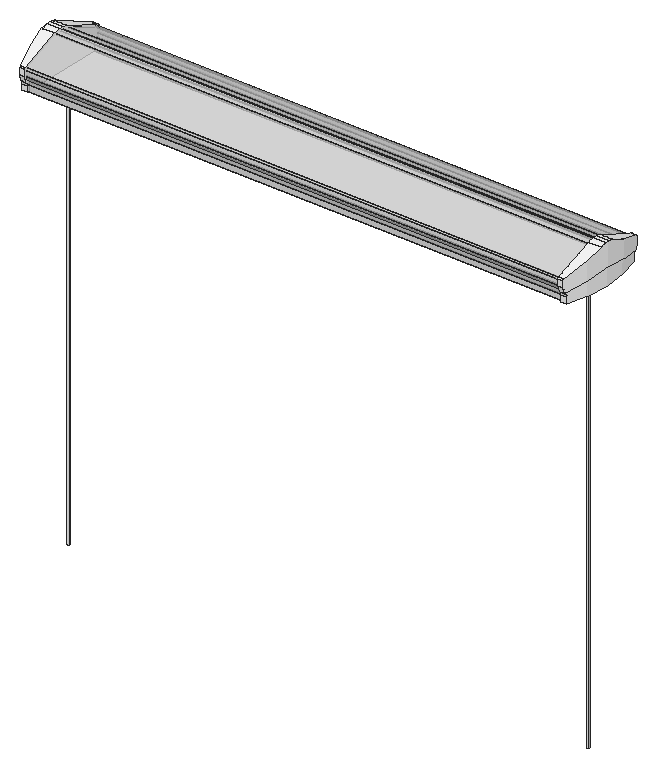
Revit family "0044875 Lighting Fixture_Sylvania_DeltaWing-LED-Electronic_Ceiling Pendant", category Lighting Fixtures, host Face, Revit 2017
Family settings
  Host = Face
  Round Connector Dimension = Use Diameter
  Part Type = Normal
  OmniClass Number = 23.80.70.11.17
  OmniClass Title = Specialized Lighting by Location or Use
  Cut with Voids When Loaded = No
  Light Source = Yes
  Shared = No
  Room Calculation Point = No
Parameters (values of type "DELTAWING LED72 EB 4K 1200")
  Width = 200.0 mm
  Weight = 3.40 kg
  Wattage = 70.5677 W
  built-in parameter 1150110 = 1 (stored number, unit not read)
  Voltage Comments = "UNV (Universal Voltage; 220-240 Volt)"  # constant formula
  Voltage = 230 V  # constant formula
  URL = "http://www.sylvania-lighting.com"
  built-in parameter 1114217 = 1 (stored number, unit not read)
  Tilt Angle = -90.00°
  built-in parameter 1150109 = 1 (stored number, unit not read)
  built-in parameter 1150134 = 12
  Ta Rating = "-10°C to +25°C"  # constant formula
  built-in parameter 1150113 = 1 (stored number, unit not read)
  Product Page URL = "http://www.sylvania-lighting.com/product/en-int/products/0044875"
  Product Family = "DELTAWING LED - ELECTRONIC"  # constant formula
  Photometry Comments = ""
  Photometric Web File = "0044875_DELTAWINGLED72EB4K1200-197925.ies"
  Mounting Height = 1000.0 mm
  Mounting Distance = 1130.0 mm
  Life = "50 000h"  # constant formula
  Length = 1218.0 mm
  LOR = "100%"
  Inrush Current (max. quantity per 16A C breaker) = "20"  # constant formula
  IP Rating = "IP44"  # constant formula
  IK Rating = "IK08"  # constant formula
  Height = 85.0 mm
  Glow Wire Test = 850 °C  # constant formula
  Glare Control = "UGR<23"  # constant formula
  Emit from Line Length = Length - 2.0 mm * 29  # 1160.0 mm
  Electrical Protection = "Class I"  # constant formula
  Drive Current = "250 mA"  # constant formula
  built-in parameter 1114216 [instance] = 1 (stored number, unit not read)
  Cap Material = Plastic_Sylvania_DeltaWing_White
  Model = "DELTAWING LED72 EB 4K 1200"
  Manufacturer = "Feilo Sylvania"
  built-in parameter 1150105 = 2317.4 (stored number, unit not read)
  Lumens = 7260 lm
  built-in parameter 1150115 = 1 (stored number, unit not read)
  built-in parameter 1150137 = (empty or 0)
  built-in parameter 1150139 = (empty or 0)
  built-in parameter 1150112 = 1 (stored number, unit not read)
  built-in parameter 1150114 = 1 (stored number, unit not read)
  Lamp = "Integrated LED"  # constant formula
  built-in parameter 1150132 = 2
  built-in parameter 1150102 = (empty or 0)
  built-in parameter 1150107 = 4000 (stored number, unit not read)
  built-in parameter 1150138 = (empty or 0)
  built-in parameter 1150106 = 23.174 (stored number, unit not read)
  CRI (Ra) = "> 80"  # constant formula
  Body Material = Steel_Sylvania_DeltaWing_White
  built-in parameter 1150104 = 9.5579 (stored number, unit not read)
  Dimming Lamp Color Temperature Shift = <None>
  Diffuser Material = Polycarbonate_Sylvania_DeltaWing_Opal_4000K
  Description = "Low profile surface and suspended LED diffuser luminaire DeltaWing LED is perfect to fulfil a wide range of applications, including educational environments, medical buildings, storage facilities and circulation areas including stairwells High performance: delivers up to 7,260lm (luminaire lumen output on 4,000K version), and up to 102lm/W (total system efficiency) Available in neutral white (4,000K) and warm white (3,000K) Smooth Polycarbonate extruded diffuser provides high efficiency, while minimising glare Precision prisms designed to optimise light output and reduce glare Options of non-dimmable, DALI, 3 hour maintained Emergency and Integrated Microwave sensor as standard Integrated Microwave sensor mounted discretely behind the diffuser helps further reduce energy and maintenance bills Suitable for suspended mounting using wire suspension kit (to be ordered seperately) BESA box connection possibility standard on product Long lifetime: 50,000 hours life at 70% of the original output L70 Energy class: A++, A+, A"  # constant formula
  Default Elevation = 0.0 mm
  Color Filter = 16777215
  Catalog Number = "0044875 DELTAWING LED72 EB 4K 1200"
  built-in parameter 1140040 [instance] = 1
  built-in parameter 1114218 = 1 (stored number, unit not read)
  built-in parameter 1150133 = 10 (stored number, unit not read)
  Assembly Code = "D5020200"
  Apparent Load = 71 VA
Reference planes
  plane 1 "Center (Front/Back)": y = 0
  plane 2 "Fixture Top": z = 915
  plane 3 "Center (Left/Right)": x = 0
  plane 4 "Fixture Left": x = -609
  plane 5 "Fixture Right": x = 609
  plane 6 "Fixture Back": y = 100
  plane 7 "Fixture Front": y = -100
  plane 8 "Cap left": x = -580
  plane 9 "Cap Right": x = 580
  plane 10 "Lamp Plane": z = 937
  plane 11 "Fixture Bottom": z = 1000
  plane 12: y = 20
  plane 13: y = -20
  plane 14: x = -565
  plane 15: x = 565
  plane 16: z = 900
Forms (mm)
  Extrusion 1, solid, material "Steel_Sylvania_DeltaWing_White" <- "Body Material", detail levels fine
    sketch origin (0, 0, 0) x (0, 1, 0) y (0, 0, 1)
      loop
        line (-88.5, 915) -> (88.5, 915) -> (88.5, 928.239) -> (90.848, 937) -> (88.777, 937) -> (86.5, 928.502) -> (86.5, 917) -> (-86.5, 917) -> (-86.5, 928.502) -> (-88.777, 937) -> (-90.848, 937) -> (-88.5, 928.239) -> (-88.5, 915)
    from -580 to 580
  Extrusion 2, solid, material "Polycarbonate_Sylvania_DeltaWing_Opal_4000K" <- "Diffuser Material", detail levels fine
    sketch origin (0, 0, 0) x (0, 1, 0) y (0, 0, 1)
      loop
        line (96, 948.502) -> (94.018, 941.104) -> (92.041, 941.455) -> (88.5, 928.239) -> (88.5, 915) -> (90.5, 915) -> (90.5, 927.975) -> (93.498, 939.165) -> (95.475, 938.815) -> (98, 948.238) -> (98, 959.42)
        arc (98, 959.42) -> (97.319, 961.653) -> (95.506, 963.125) r 4
        line (95.506, 963.125) -> (16.971, 995.055)
        arc (16.971, 995.055) -> (9.581, 997.257) -> (1.906, 998) r 40
        line (1.906, 998) -> (-1.906, 998)
        arc (-1.906, 998) -> (-9.581, 997.257) -> (-16.971, 995.055) r 40
        line (-16.971, 995.055) -> (-95.506, 963.125)
        arc (-95.506, 963.125) -> (-97.319, 961.653) -> (-98, 959.42) r 4
        line (-98, 959.42) -> (-98, 948.238) -> (-95.475, 938.815) -> (-93.498, 939.165) -> (-90.5, 927.975) -> (-90.5, 915) -> (-88.5, 915) -> (-88.5, 928.239) -> (-92.041, 941.455) -> (-94.018, 941.104) -> (-96, 948.502) -> (-96, 958.074)
        arc (-96, 958.074) -> (-95.319, 960.307) -> (-93.506, 961.779) r 4
        line (-93.506, 961.779) -> (-15.978, 993.299)
        arc (-15.978, 993.299) -> (-9.922, 995.17) -> (-3.638, 996) r 37.685
        line (-3.638, 996) -> (3.638, 996)
        arc (3.638, 996) -> (9.922, 995.17) -> (15.978, 993.299) r 37.685
        line (15.978, 993.299) -> (93.506, 961.779)
        arc (93.506, 961.779) -> (95.319, 960.307) -> (96, 958.074) r 4
        line (96, 958.074) -> (96, 948.502)
    from -580 to 580
  Extrusion 3, solid, material "Steel_Sylvania_DeltaWing_White" <- "Body Material", detail levels coarse+medium
    sketch origin (0, 0, 0) x (0, 1, 0) y (0, 0, 1)
      loop
        line (-16.971, 995.055) -> (-95.506, 963.125)
        arc (-95.506, 963.125) -> (-97.319, 961.653) -> (-98, 959.42) r 4
        line (-98, 959.42) -> (-98, 948.238) -> (-95.475, 938.815) -> (-93.498, 939.165) -> (-90.5, 927.975) -> (-90.5, 915) -> (90.5, 915) -> (90.5, 927.975) -> (93.498, 939.165) -> (95.475, 938.815) -> (98, 948.238) -> (98, 959.42)
        arc (98, 959.42) -> (97.319, 961.653) -> (95.506, 963.125) r 4
        line (95.506, 963.125) -> (16.971, 995.055)
        arc (16.971, 995.055) -> (9.581, 997.257) -> (1.906, 998) r 40
        line (1.906, 998) -> (-1.906, 998)
        arc (-1.906, 998) -> (-9.581, 997.257) -> (-16.971, 995.055) r 40
    from -580 to 580
  Extrusion 4, solid, material "Steel_Sylvania_DeltaWing_White" <- "Body Material", detail levels fine
    sketch origin (0, 0, 60) x (-1, 0, 0) y (0, -1, 0)
      loop
        circle (565, 0) r 6
      loop
        circle (-565, 0) r 6
    from 840 to 855
  Extrusion 5, solid, material "Steel_Sylvania_DeltaWing_White" <- "Body Material", detail levels fine
    sketch origin (0, 0, 60) x (-1, 0, 0) y (0, -1, 0)
      loop
        circle (565, 0) r 2.5
      loop
        circle (-565, 0) r 2.5
    from -60 to 840
Lines and regions (mm)
  model lines, detail levels coarse+medium
    curve 1: line (-565, 0, 915) -> (-565, 0, 0)
    curve 2: line (565, 0, 915) -> (565, 0, 0)
Dimensions and locks
  equal spacing: plane 4 "Fixture Left", plane 3 "Center (Left/Right)", plane 5 "Fixture Right"
  "Length": plane 4 "Fixture Left" to plane 5 "Fixture Right"
  locked: plane 4 "Fixture Left" to plane 8 "Cap left" at 29
  locked: plane 9 "Cap Right" to plane 5 "Fixture Right" at 29
  "Height": plane 11 "Fixture Bottom" to plane 2 "Fixture Top"
  equal spacing: plane 6 "Fixture Back", plane 1 "Center (Front/Back)", plane 7 "Fixture Front"
  "Width": plane 6 "Fixture Back" to plane 7 "Fixture Front"
  equal spacing: plane 12, plane 1 "Center (Front/Back)", plane 13
  "Mounting Height": plane 11 "Fixture Bottom" to level
  equal spacing: plane 14, plane 3 "Center (Left/Right)", plane 15
  "Mounting Distance": plane 14 to plane 15
  plane 2 "Fixture Top" to plane 16 = 15.0 mm
  locked: plane 10 "Lamp Plane" to plane 2 "Fixture Top" at 22
  aligned and locked: level to host face
  aligned and locked: nested 1 to plane 1 "Center (Front/Back)"
  aligned and locked: nested 1 to plane 5 "Fixture Right"
  aligned and locked: nested 2 to plane 4 "Fixture Left"
  aligned and locked: plane 2 "Fixture Top" to Extrusion 1 sketch curve
  aligned and locked: Extrusion 1 to plane 8 "Cap left"
  aligned and locked: plane 9 "Cap Right" to Extrusion 1
  aligned and locked: Extrusion 2 to plane 8 "Cap left"
  aligned and locked: plane 9 "Cap Right" to Extrusion 2
  aligned and locked: Extrusion 3 sketch curve to Extrusion 2  (x2)
  aligned and locked: Extrusion 3 to plane 8 "Cap left"
  aligned and locked: plane 9 "Cap Right" to Extrusion 3
  aligned and locked: plane 2 "Fixture Top" to nested 2
  aligned and locked: nested 1 to plane 2 "Fixture Top"
  aligned and locked: Extrusion 3 sketch curve to plane 2 "Fixture Top"
  aligned and locked: plane 2 "Fixture Top" to Extrusion 2 sketch curve
  aligned and locked: Extrusion 2 sketch curve to plane 2 "Fixture Top"
  aligned and locked: plane 2 "Fixture Top" to Extrusion 4
  aligned and locked: Extrusion 4 to plane 16
  aligned and locked: level to curve 1
  aligned and locked: curve 1 to plane 14
  aligned and locked: level to curve 2
  aligned and locked: curve 2 to plane 15
  aligned and locked: plane 16 to Extrusion 5
  aligned and locked: Extrusion 5 to level
  aligned and locked: imposter light to plane 1 "Center (Front/Back)"
  aligned and locked: plane 3 "Center (Left/Right)" to imposter light
  aligned and locked: plane 11 "Fixture Bottom" to imposter light
  aligned and locked: plane 2 "Fixture Top" to curve 2
  aligned and locked: plane 2 "Fixture Top" to curve 1
Automatic sketch dimensions
  host sketch curve to host sketch curve = 1713.741 mm
  host sketch curve to host sketch curve = 1283.632 mm
  plane 7 "Fixture Front" to Extrusion 2 sketch curve = 2.0 mm
  Extrusion 2 sketch curve to plane 10 "Lamp Plane" = 9.025 mm  (x2)
  Extrusion 2 sketch curve to Extrusion 2 sketch curve = 2.0 mm  (x8)
  Extrusion 2 sketch curve to Extrusion 2 sketch curve = 2.494 mm
  plane 10 "Lamp Plane" to Extrusion 2 sketch curve = 1.815 mm  (x2)
  plane 7 "Fixture Front" to Extrusion 2 sketch curve = 4.525 mm
  Extrusion 2 sketch curve to Extrusion 2 sketch curve = 1.457 mm  (x2)
  plane 10 "Lamp Plane" to Extrusion 2 sketch curve = 2.165 mm  (x2)
  Extrusion 2 sketch curve to Extrusion 2 sketch curve = 0.52 mm
  Extrusion 2 sketch curve to Extrusion 2 sketch curve = 1.977 mm  (x3)
  plane 7 "Fixture Front" to Extrusion 2 sketch curve = 9.5 mm
  plane 13 to Extrusion 2 sketch curve = 3.029 mm
  Extrusion 2 sketch curve to Extrusion 2 sketch curve = 0.993 mm  (x2)
  plane 1 "Center (Front/Back)" to Extrusion 2 sketch curve = 3.638 mm
  plane 1 "Center (Front/Back)" to Extrusion 2 sketch curve = 1.906 mm
  Extrusion 2 sketch curve to plane 1 "Center (Front/Back)" = 1.906 mm
  Extrusion 2 sketch curve to Extrusion 2 sketch curve = 1.732 mm
  plane 12 to Extrusion 2 sketch curve = 4.022 mm
  Extrusion 2 sketch curve to plane 6 "Fixture Back" = 11.5 mm
  Extrusion 2 sketch curve to plane 6 "Fixture Back" = 7.959 mm
  Extrusion 2 sketch curve to plane 6 "Fixture Back" = 6.494 mm
  Extrusion 2 sketch curve to plane 6 "Fixture Back" = 4.0 mm
  Extrusion 2 sketch curve to plane 6 "Fixture Back" = 2.0 mm
  Extrusion 2 sketch curve to Extrusion 2 sketch curve = 0.041 mm  (x2)
  Extrusion 2 sketch curve to Extrusion 2 sketch curve = 1.506 mm
  Extrusion 2 sketch curve to Extrusion 2 sketch curve = 0.494 mm
  Extrusion 2 sketch curve to Extrusion 2 sketch curve = 0.263 mm  (x4)
  Extrusion 2 sketch curve to Extrusion 2 sketch curve = 1.939 mm  (x2)
  Extrusion 2 sketch curve to Extrusion 2 sketch curve = 0.351 mm  (x2)
  Extrusion 2 sketch curve to Extrusion 2 sketch curve = 7.134 mm  (x2)
  Extrusion 2 sketch curve to Extrusion 2 sketch curve = 9.572 mm  (x2)
  Extrusion 2 sketch curve to Extrusion 2 sketch curve = 1.346 mm  (x2)
  Extrusion 2 sketch curve to plane 11 "Fixture Bottom" = 6.701 mm
  Extrusion 2 sketch curve to Extrusion 2 sketch curve = 0.0 mm
  Extrusion 2 sketch curve to Extrusion 2 sketch curve = 1.755 mm  (x2)
  Extrusion 2 sketch curve to Extrusion 2 sketch curve = 2.701 mm
  Extrusion 1 sketch curve to Extrusion 1 sketch curve = 2.0 mm  (x2)
  Extrusion 1 sketch curve to Extrusion 1 sketch curve = 0.263 mm  (x2)
  Extrusion 1 sketch curve to Extrusion 1 sketch curve = 2.071 mm  (x2)
  plane 7 "Fixture Front" to Extrusion 1 sketch curve = 9.152 mm
  plane 13 to Extrusion 3 sketch curve = 3.029 mm
  Extrusion 3 sketch curve to Extrusion 3 sketch curve = 1.506 mm  (x2)
  Extrusion 3 sketch curve to Extrusion 3 sketch curve = 11.181 mm  (x2)
  plane 10 "Lamp Plane" to Extrusion 3 sketch curve = 1.815 mm  (x2)
  plane 7 "Fixture Front" to Extrusion 3 sketch curve = 4.525 mm
  plane 10 "Lamp Plane" to Extrusion 3 sketch curve = 2.165 mm  (x2)
  Extrusion 3 sketch curve to Extrusion 3 sketch curve = 1.977 mm  (x2)
  plane 7 "Fixture Front" to Extrusion 3 sketch curve = 9.5 mm
  Extrusion 3 sketch curve to plane 10 "Lamp Plane" = 9.025 mm  (x2)
  plane 1 "Center (Front/Back)" to Extrusion 3 sketch curve = 1.906 mm
  plane 10 "Lamp Plane" to Extrusion 3 sketch curve = 21.0 mm
  plane 12 to Extrusion 3 sketch curve = 3.029 mm
  Extrusion 3 sketch curve to plane 1 "Center (Front/Back)" = 1.906 mm
  Extrusion 3 sketch curve to plane 6 "Fixture Back" = 4.494 mm
  Extrusion 3 sketch curve to Extrusion 3 sketch curve = 0.0 mm
  plane 10 "Lamp Plane" to Extrusion 3 sketch curve = 26.125 mm
  Extrusion 3 sketch curve to plane 6 "Fixture Back" = 2.0 mm
  Extrusion 3 sketch curve to plane 6 "Fixture Back" = 4.525 mm
  Extrusion 3 sketch curve to plane 6 "Fixture Back" = 9.5 mm
  Extrusion 1 sketch curve to plane 6 "Fixture Back" = 11.223 mm
  plane 7 "Fixture Front" to Extrusion 1 sketch curve = 11.5 mm
  Extrusion 1 sketch curve to plane 6 "Fixture Back" = 13.5 mm
  plane 1 "Center (Front/Back)" to Extrusion 4 sketch curve = 0.0 mm  (x2)
  Extrusion 4 sketch curve to plane 15 = 0.0 mm
  Extrusion 4 sketch curve to plane 14 = 0.0 mm
  plane 1 "Center (Front/Back)" to Extrusion 5 sketch curve = 0.0 mm  (x2)
  Extrusion 5 sketch curve to plane 15 = 0.0 mm
  Extrusion 5 sketch curve to plane 14 = 0.0 mm
  Extrusion 1 sketch curve to plane 10 "Lamp Plane" = 8.761 mm  (x2)
  plane 2 "Fixture Top" to Extrusion 1 sketch curve = 2.0 mm
  Extrusion 1 sketch curve to plane 10 "Lamp Plane" = 0.0 mm  (x2)
  radius of Extrusion 4 sketch curve = 6.0 mm  (x2)
  radius of Extrusion 5 sketch curve = 2.5 mm  (x2)
Nested families
  nested 1: "Cap" at (580, 0, 915) x (0, 1, 0) z (0, 0, 1), type "Type"
  nested 2: "Cap" at (-580, 0, 915) x (0, 1, 0) z (0, 0, 1), type "Type"
Connectors
  electrical at (0, 0, 915), driven by "Voltage", driven by "Apparent Load"
    settings: on Extrusion 1, index 1, voltage 230 V, apparent load 0 VA, apparent load phase1 71 VA, apparent load phase2 0 VA, apparent load phase3 0 VA, power factor 1, load classification "Lighting", number of poles 1, system type 31, power factor state 1, is connector primary yes, connector utility no, sub classification motor no, connector description ""
Definition of nested family "Cap"
  Parameters
    Height = 85.0 mm
    Width = 200.0 mm
    Default Elevation = 0.0 mm
    Cap Material = none
  Reference planes
    plane 1 "Center (Front/Back)": y = 0
    plane 2: z = 0
    plane 3 "Center (Left/Right)": x = 0
    plane 4: x = 100
    plane 5: x = -100
    plane 6: y = -29
    plane 7: y = -10
    plane 8: z = 85
    plane 9: z = 17
    plane 10: z = 22
    plane 11: z = 37
  Forms (mm)
    Extrusion 1, solid, material <- "Cap Material"
      sketch origin (0, 0, 0) x (1, 0, 0) y (0, 1, 0)
        loop
          line (-100, 0) -> (-100, -10)
          arc (-100, -10) -> (0, -28.818) -> (100, -10) r 275.114
          line (100, -10) -> (100, 0) -> (-100, 0)
      from 0 to 85
    Extrusion 2, void
      sketch origin (0, 0, 0) x (1, 0, 0) y (0, 0, 1)
        loop
          line (-92.5, 0) -> (-92.5, 12.712) -> (-94.955, 21.876) -> (-96.887, 21.358) -> (-101.913, 40.115)
          arc (-101.913, 40.115) -> (-101.345, 45.755) -> (-97.183, 49.603) r 8
          line (-97.183, 49.603) -> (-17.481, 82.006)
          arc (-17.481, 82.006) -> (-8.901, 84.444) -> (0, 85) r 41.685
          arc (0, 85) -> (8.901, 84.444) -> (17.481, 82.006) r 41.685
          line (17.481, 82.006) -> (97.183, 49.603)
          arc (97.183, 49.603) -> (101.345, 45.755) -> (101.913, 40.115) r 8
          line (101.913, 40.115) -> (96.887, 21.358) -> (94.955, 21.876) -> (92.5, 12.712) -> (92.5, 0) -> (117.5, 0) -> (117.5, 106.013) -> (-117.5, 106.013) -> (-117.5, 0) -> (-92.5, 0)
      from 0 to 250
    Extrusion 3, void
      sketch origin (0, 0, 0) x (1, 0, 0) y (0, 0, 1)
        loop
          line (-94.955, 21.876) -> (-100, 20.524) -> (-100, 0) -> (100, 0) -> (100, 20.524) -> (94.955, 21.876) -> (10.419, 36.87)
          arc (10.419, 36.87) -> (0, 37.781) -> (-10.419, 36.87) r 60
          line (-10.419, 36.87) -> (-94.955, 21.876)
      from -68.585 to 250
    Extrusion 4, solid, material <- "Cap Material"
      sketch origin (0, 0, 0) x (1, 0, 0) y (0, 1, 0)
        loop
          line (-100, 0) -> (-100, -9.525)
          arc (-100, -9.525) -> (0.169, -27.445) -> (100, -7.727) r 275.114
          line (100, -7.727) -> (100, 0) -> (-100, 0)
      from 0 to 85
    Extrusion 5, void
      sketch origin (0, 0, 0) x (1, 0, 0) y (0, 0, 1)
        loop
          line (-92.5, 0) -> (-92.5, 12.712) -> (-94.955, 21.876) -> (-96.887, 21.358) -> (-101.913, 40.115)
          arc (-101.913, 40.115) -> (-101.345, 45.755) -> (-97.183, 49.603) r 8
          line (-97.183, 49.603) -> (-17.481, 82.006)
          arc (-17.481, 82.006) -> (-8.901, 84.444) -> (0, 85) r 41.685
          arc (0, 85) -> (8.901, 84.444) -> (17.481, 82.006) r 41.685
          line (17.481, 82.006) -> (97.183, 49.603)
          arc (97.183, 49.603) -> (101.345, 45.755) -> (101.913, 40.115) r 8
          line (101.913, 40.115) -> (96.887, 21.358) -> (94.955, 21.876) -> (92.5, 12.712) -> (92.5, 0) -> (117.5, 0) -> (117.5, 106.013) -> (-117.5, 106.013) -> (-117.5, 0) -> (-92.5, 0)
      from 0 to 250
  Cuts and joins
    Extrusion 2, Extrusion 3, Extrusion 5 cuts Extrusion 1
    Extrusion 5 cuts Extrusion 4
    joined: Extrusion 1, Extrusion 4
  Dimensions and locks
    equal spacing: plane 5, plane 3 "Center (Left/Right)", plane 4
    "Width": plane 5 to plane 4
    locked: plane 1 "Center (Front/Back)" to plane 6 at 29
    plane 1 "Center (Front/Back)" to plane 7 = 10.0 mm
    "Height": plane 8 to level
    plane 9 to plane 2 = 17.0 mm
    plane 10 to plane 9 = 5.0 mm
    Extrusion 2 sketch curve to plane 5 = 7.5 mm
    aligned and locked: level to plane 2
    aligned and locked: plane 1 "Center (Front/Back)" to Extrusion 1 sketch curve
    aligned and locked: Extrusion 1 sketch curve to plane 5
    aligned and locked: Extrusion 1 sketch curve to plane 4
    aligned and locked: plane 7 to Extrusion 1 sketch curve  (x2)
    aligned and locked: Extrusion 1 to plane 2
    aligned and locked: plane 8 to Extrusion 1
  Automatic sketch dimensions
    Extrusion 1 sketch curve to plane 1 "Center (Front/Back)" = 246.296 mm
    Extrusion 2 sketch curve to plane 5 = 17.5 mm
    Extrusion 2 sketch curve to plane 9 = 4.288 mm
    Extrusion 2 sketch curve to plane 3 "Center (Left/Right)" = 0.0 mm
    Extrusion 2 sketch curve to plane 8 = 0.0 mm
    Extrusion 2 sketch curve to plane 5 = 1.913 mm
    plane 5 to Extrusion 2 sketch curve = 2.817 mm
    plane 10 to Extrusion 2 sketch curve = 0.642 mm  (x2)
    plane 5 to Extrusion 2 sketch curve = 3.113 mm
    plane 10 to Extrusion 2 sketch curve = 0.124 mm  (x2)
    Extrusion 2 sketch curve to plane 8 = 2.994 mm  (x2)
    Extrusion 2 sketch curve to plane 3 "Center (Left/Right)" = 17.481 mm
    plane 3 "Center (Left/Right)" to Extrusion 2 sketch curve = 17.481 mm
    Extrusion 2 sketch curve to plane 4 = 7.5 mm
    Extrusion 2 sketch curve to plane 4 = 5.045 mm
    Extrusion 2 sketch curve to Extrusion 2 sketch curve = 1.932 mm
    Extrusion 2 sketch curve to plane 4 = 2.817 mm
    plane 4 to Extrusion 2 sketch curve = 1.913 mm
    plane 4 to Extrusion 2 sketch curve = 17.5 mm
    plane 5 to Extrusion 2 sketch curve = 5.814 mm
    Extrusion 2 sketch curve to plane 3 "Center (Left/Right)" = 1.865 mm
    plane 3 "Center (Left/Right)" to Extrusion 2 sketch curve = 1.865 mm
    Extrusion 2 sketch curve to plane 4 = 5.814 mm
    Extrusion 2 sketch curve to Extrusion 2 sketch curve = 9.488 mm  (x2)
    plane 8 to Extrusion 2 sketch curve = 21.013 mm
    Extrusion 2 sketch curve to level = 0.0 mm  (x2)
    Extrusion 3 sketch curve to plane 3 "Center (Left/Right)" = 0.0 mm
    plane 10 to Extrusion 3 sketch curve = 0.124 mm  (x2)
    Extrusion 3 sketch curve to plane 3 "Center (Left/Right)" = 10.419 mm
    plane 3 "Center (Left/Right)" to Extrusion 3 sketch curve = 10.419 mm
    plane 11 to Extrusion 3 sketch curve = 0.13 mm
    plane 10 to Extrusion 3 sketch curve = 1.476 mm  (x2)
    Extrusion 3 sketch curve to level = 0.0 mm
    Extrusion 3 sketch curve to plane 5 = 0.0 mm
    Extrusion 3 sketch curve to Extrusion 3 sketch curve = 22.219 mm
    plane 5 to Extrusion 3 sketch curve = 5.045 mm
    Extrusion 3 sketch curve to plane 4 = 5.045 mm
    plane 4 to Extrusion 3 sketch curve = 0.0 mm
    plane 1 "Center (Front/Back)" to Extrusion 4 sketch curve = 0.0 mm
    Extrusion 4 sketch curve to plane 5 = 0.0 mm
    Extrusion 4 sketch curve to plane 4 = 0.0 mm
    plane 7 to Extrusion 4 sketch curve = 2.273 mm
    plane 7 to Extrusion 4 sketch curve = 0.475 mm
    Extrusion 4 sketch curve to plane 1 "Center (Front/Back)" = 247.658 mm
    Extrusion 5 sketch curve to level = 0.0 mm  (x2)
    Extrusion 5 sketch curve to plane 5 = 17.5 mm
    Extrusion 5 sketch curve to plane 9 = 4.288 mm  (x2)
    Extrusion 5 sketch curve to plane 3 "Center (Left/Right)" = 0.0 mm
    Extrusion 5 sketch curve to plane 8 = 0.0 mm
    Extrusion 5 sketch curve to plane 5 = 1.913 mm
    plane 5 to Extrusion 5 sketch curve = 2.817 mm
    plane 10 to Extrusion 5 sketch curve = 0.642 mm  (x2)
    plane 5 to Extrusion 5 sketch curve = 3.113 mm
    plane 10 to Extrusion 5 sketch curve = 0.124 mm  (x2)
    Extrusion 5 sketch curve to Extrusion 5 sketch curve = 1.932 mm
    Extrusion 5 sketch curve to plane 8 = 2.994 mm  (x2)
    Extrusion 5 sketch curve to plane 3 "Center (Left/Right)" = 17.481 mm
    plane 3 "Center (Left/Right)" to Extrusion 5 sketch curve = 17.481 mm
    Extrusion 5 sketch curve to plane 4 = 7.5 mm
    Extrusion 5 sketch curve to plane 4 = 5.045 mm
    Extrusion 5 sketch curve to plane 4 = 2.817 mm
    plane 4 to Extrusion 5 sketch curve = 1.913 mm
    plane 4 to Extrusion 5 sketch curve = 17.5 mm
    plane 5 to Extrusion 5 sketch curve = 5.814 mm
    Extrusion 5 sketch curve to plane 3 "Center (Left/Right)" = 1.865 mm
    plane 3 "Center (Left/Right)" to Extrusion 5 sketch curve = 1.865 mm
    Extrusion 5 sketch curve to plane 4 = 5.814 mm
    Extrusion 5 sketch curve to Extrusion 5 sketch curve = 9.488 mm  (x2)
    plane 8 to Extrusion 5 sketch curve = 21.013 mm
